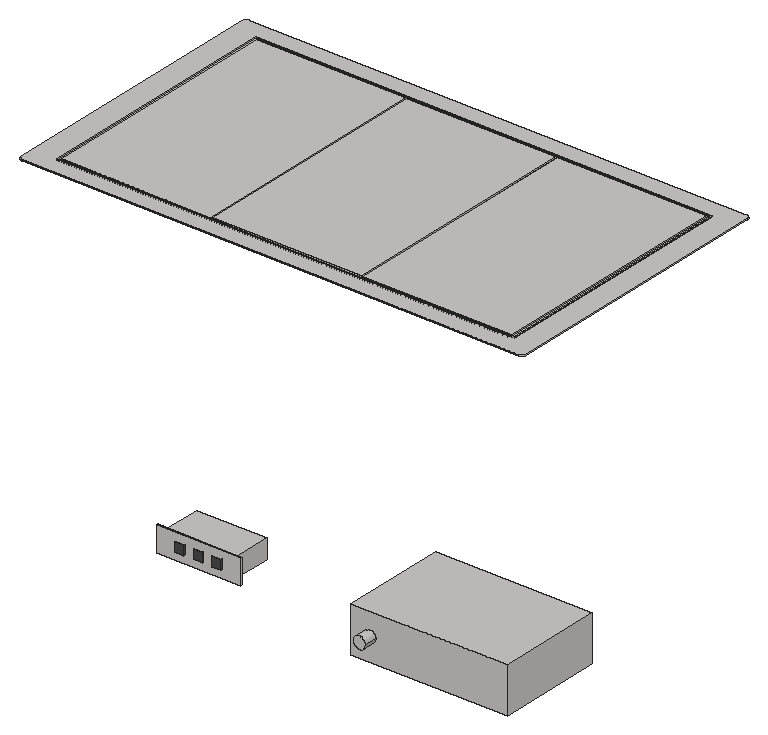
Revit family "QF_ELECTROLUXPROFESSIONAL_341016_D04H3", category Specialty Equipment, Revit 2018
Family settings
  Round Connector Dimension = Use Diameter
  Part Type = Normal
  Work Plane-Based = No
  Always vertical = Yes
  Cut with Voids When Loaded = No
  Shared = No
  Room Calculation Point = No
Parameters (values of type "341016.rfa")
  Weight = 20.40 kg
  Watts = 0 W
  Volts = 0 V
  URL Manufacturer = ""
  URL = ""
  Steam Supply Size = 0 mm
  Steam Supply Minimum Pressure = 0.0 Pa
  Steam Supply Maximum Pressure = 0.0 Pa
  Steam Pounds per Hour = 0
  Show Clearance [instance] = yes
  Remote Electrical Box_Z [instance] = 200.00 mm
  Remote Electrical Box_Y [instance] = 500.00 mm
  Remote Electrical Box_X [instance] = 800.00 mm
  Refrigeration Suction Line Size = 0 mm
  Refrigeration Liquid Line Size = 0 mm
  Refrigerant Compressor Remote = yes
  Manufacturer = ""
  Phase = 0
  Model = ""
  Length Actual = 1100.00 mm  # constant formula
  Item Number = ""
  Hot Water Size = 0 mm
  Height Actual = 80.00 mm  # constant formula
  HP = "0 HP"
  Gas Size = 0 mm
  Gas KW = 0
  Gas Input Pressure = 0 W
  Direct Waste Size = 0 mm
  Description = ""
  Depth Actual = 620.00 mm  # constant formula
  Cycle = 0 Hz
  Controller_Y [instance] = 500.00 mm
  Controller_1Z [instance] = 200.00 mm
  Controller_1X [instance] = 300.00 mm
  Condensate Return Size = 0 mm
  Compressed Air Volume = 0.0 L/s
  Compressed Air Size = 0 mm
  Compressed Air Pressure = 0.0 Pa
  Cold Water Size = 0 mm
  Accessory = yes
Types (2, lengths in mm): name | Volts | URL Manufacturer | URL | Manufacturer | Phase | Model | Item Number | Description | Cycle
  341016.rfa | 0 V | "" | "" | "" | 0 | "" | "" | "" | 0 Hz
  Standard | 220 V | "http://professional.electrolux.com" | "http://professional.electrolux.com" | "Electrolux Professional" | 1 | "D04H3" | "341016" | "DROP-IN TEMPERED GLASS TOP, 3GN" | 60 Hz
Reference planes
  plane 1 "Centro (Fronte/Retro)": y = 74.737
  plane 2: z = 0
  plane 3 "BACK": y = 384.737
  plane 4 "FRONT": y = -235.263
  plane 5 "RIGHT": x = 35.731
  plane 6 "LEFT": x = -1064.269
  plane 7: x = -514.269
  plane 8 "TOP": z = 900
  plane 9: y = 345.957
  plane 10: y = -196.483
  plane 11: x = -1010.489
  plane 12: x = -18.049
  plane 13: z = 898
  plane 14: z = 822
  plane 15: z = 825
  plane 16: x = -24.269
  plane 17: x = -1004.269
  plane 18: y = 339.737
  plane 19: y = -190.263
  plane 20: x = -679.269
  plane 21: x = -676.769
  plane 22: x = -351.769
  plane 23: x = -349.269
  plane 24: x = -764.269
  plane 25: x = -264.269
  plane 26: y = -115.263
  plane 27: y = -115.263
  plane 28: z = 200
  plane 29: z = 200
Forms (mm)
  Extrusion 1, solid, material "QF_Finishes_Stainless Steel"
    sketch origin (0, 0, 900) x (-1, 0, 0) y (0, -1, 0)
      loop
        arc (1054.269, -384.737) -> (1061.34, -381.808) -> (1064.269, -374.737) r 10
        line (1064.269, -374.737) -> (1064.269, 225.263)
        arc (1064.269, 225.263) -> (1061.34, 232.334) -> (1054.269, 235.263) r 10
        line (1054.269, 235.263) -> (-25.731, 235.263)
        arc (-25.731, 235.263) -> (-32.802, 232.334) -> (-35.731, 225.263) r 10
        line (-35.731, 225.263) -> (-35.731, -374.737)
        arc (-35.731, -374.737) -> (-32.802, -381.808) -> (-25.731, -384.737) r 10
        line (-25.731, -384.737) -> (1054.269, -384.737)
      loop
        line (1010.489, -345.957) -> (1010.489, 196.483) -> (18.049, 196.483) -> (18.049, -345.957) -> (1010.489, -345.957)
    from 0 to -2
  Extrusion 2, solid, material "QF_Finishes_Stainless Steel"
    sketch origin (0, 0, 900) x (-1, 0, 0) y (0, -1, 0)
      loop
        line (1010.489, -345.957) -> (1010.489, 196.483) -> (18.049, 196.483) -> (18.049, -345.957) -> (1010.489, -345.957)
    from -2 to -78
  Sweep 3, void
    path origin (0, 0, 900) x (-1, 0, 0) y (0, -1, 0)
      loop
        line (1010.489, -345.957) -> (1010.489, 196.483) -> (18.049, 196.483) -> (18.049, -345.957) -> (1010.489, -345.957)
    profile origin (-514.269, 345.957, 900) x (0, 1, 0) y (0, 0, 1)
      loop
        line (0, -2) -> (-75, -78.22) -> (0, -78.22) -> (0, -2)
  Extrusion 4, solid, material "QF_Finishes_Stainless Steel"
    sketch origin (0, 0, 900) x (-1, 0, 0) y (0, -1, 0)
      loop
        line (1004.269, -339.737) -> (1004.269, 190.263) -> (679.269, 190.263) -> (679.269, -339.737) -> (1004.269, -339.737)
      loop
        line (676.769, -339.737) -> (676.769, 190.263) -> (351.769, 190.263) -> (351.769, -339.737) -> (676.769, -339.737)
      loop
        line (349.269, -339.737) -> (349.269, 190.263) -> (24.269, 190.263) -> (24.269, -339.737) -> (349.269, -339.737)
    from -2 to 0
Cuts and joins
  Sweep 3 cuts Extrusion 2
Lines and regions (mm)
  symbolic lines
    curve 1: line (25.731, 384.737, 900) -> (-1054.269, 384.737, 900)
    curve 2: arc (-1054.269, 384.737, 900) -> (-1061.34, 381.808, 900) -> (-1064.269, 374.737, 900) r 10
    curve 3: line (-1064.269, 374.737, 900) -> (-1064.269, -225.263, 900)
    curve 4: arc (-1064.269, -225.263, 900) -> (-1061.34, -232.334, 900) -> (-1054.269, -235.263, 900) r 10
    curve 5: line (-1054.269, -235.263, 900) -> (25.731, -235.263, 900)
    curve 6: arc (25.731, -235.263, 900) -> (32.802, -232.334, 900) -> (35.731, -225.263, 900) r 10
    curve 7: line (35.731, -225.263, 900) -> (35.731, 374.737, 900)
    curve 8: arc (35.731, 374.737, 900) -> (32.802, 381.808, 900) -> (25.731, 384.737, 900) r 10
    curve 9: line (-1010.489, 345.957, 900) -> (-18.049, 345.957, 900)
    curve 10: line (-1010.489, -196.483, 900) -> (-1010.489, 345.957, 900)
    curve 11: line (-18.049, -196.483, 900) -> (-1010.489, -196.483, 900)
    curve 12: line (-18.049, 345.957, 900) -> (-18.049, -196.483, 900)
    curve 13: line (-1004.269, 339.737, 900) -> (-679.269, 339.737, 900)
    curve 14: line (-1004.269, -190.263, 900) -> (-1004.269, 339.737, 900)
    curve 15: line (-679.269, -190.263, 900) -> (-1004.269, -190.263, 900)
    curve 16: line (-679.269, 339.737, 900) -> (-679.269, -190.263, 900)
    curve 17: line (-24.269, -190.263, 900) -> (-24.269, 339.737, 900)
    curve 18: line (-676.769, 339.737, 900) -> (-351.769, 339.737, 900)
    curve 19: line (-676.769, -190.263, 900) -> (-676.769, 339.737, 900)
    curve 20: line (-351.769, -190.263, 900) -> (-676.769, -190.263, 900)
    curve 21: line (-351.769, 339.737, 900) -> (-351.769, -190.263, 900)
    curve 22: line (-349.269, 339.737, 900) -> (-24.269, 339.737, 900)
    curve 23: line (-349.269, -190.263, 900) -> (-349.269, 339.737, 900)
    curve 24: line (-24.269, -190.263, 900) -> (-349.269, -190.263, 900)
  symbolic lines, style "SpecialityEquipmentHiddenLines"
    curve 25: line (-1010.489, 345.957, 900) -> (-935.489, 270.957, 900)
    curve 26: line (-935.489, 270.957, 900) -> (-93.049, 270.957, 900)
    curve 27: line (-935.489, -121.483, 900) -> (-935.489, 270.957, 900)
    curve 28: line (-1010.489, -196.483, 900) -> (-935.489, -121.483, 900)
    curve 29: line (-93.049, -121.483, 900) -> (-935.489, -121.483, 900)
    curve 30: line (-18.049, -196.483, 900) -> (-93.049, -121.483, 900)
    curve 31: line (-93.049, 270.957, 900) -> (-93.049, -121.483, 900)
    curve 32: line (-93.049, 270.957, 900) -> (-18.049, 345.957, 900)
Dimensions and locks
  plane 6 "LEFT" to plane 5 "RIGHT" = 1100.00 mm
  equal spacing: plane 3 "BACK", plane 1 "Centro (Fronte/Retro)", plane 4 "FRONT"
  plane 3 "BACK" to plane 4 "FRONT" = 620.00 mm
  equal spacing: plane 6 "LEFT", plane 7, plane 5 "RIGHT"
  locked: plane 8 "TOP" to plane 2 at 900
  locked: plane 3 "BACK" to plane 9 at 38.78
  locked: plane 10 to plane 4 "FRONT" at 38.78
  plane 6 "LEFT" to plane 11 = 53.78 mm
  plane 12 to plane 5 "RIGHT" = 53.78 mm
  locked: plane 8 "TOP" to plane 13 at 2
  plane 8 "TOP" to plane 14 = 78.00 mm
  locked: plane 15 to plane 14 at 3
  locked: plane 11 to plane 17 at 6.22
  locked: plane 16 to plane 12 at 6.22
  locked: plane 9 to plane 18 at 6.22
  locked: plane 19 to plane 10 at 6.22
  plane 17 to plane 20 to plane 21 to plane 22 to plane 23 to plane 16 = 325.00 mm, 2.50 mm, 325.00 mm, 2.50 mm, 325.00 mm
  plane 16 to plane 5 "RIGHT" = 60.00 mm
  plane 6 "LEFT" to plane 17 = 60.00 mm
  plane 17 to plane 16 = 980.00 mm
  plane 18 to plane 19 = 530.00 mm
  "Controller_Y": plane 3 "BACK" to plane 27
  "Remote Electrical Box_Y": plane 3 "BACK" to plane 26
  "Controller_1X": plane 6 "LEFT" to plane 24
  "Remote Electrical Box_X": plane 6 "LEFT" to plane 25
  "Controller_1Z": plane 28 to plane 2
  "Remote Electrical Box_Z": plane 29 to plane 2
  aligned and locked: level to plane 2
  aligned and locked: Extrusion 1 sketch curve to plane 3 "BACK"
  aligned and locked: plane 6 "LEFT" to Extrusion 1 sketch curve
  aligned and locked: plane 4 "FRONT" to Extrusion 1 sketch curve
  aligned and locked: Extrusion 1 sketch curve to plane 5 "RIGHT"
  aligned and locked: Extrusion 1 sketch curve to plane 9
  aligned and locked: plane 11 to Extrusion 1 sketch curve
  aligned and locked: Extrusion 1 sketch curve to plane 10
  aligned and locked: Extrusion 1 sketch curve to plane 12
  aligned and locked: Extrusion 1 to plane 13
  aligned and locked: Extrusion 2 to plane 14
  aligned and locked: Extrusion 2 to Extrusion 1
  aligned and locked: plane 11 to Extrusion 2 sketch curve
  aligned and locked: Extrusion 2 sketch curve to plane 9
  aligned and locked: Extrusion 2 sketch curve to plane 12
  aligned and locked: Extrusion 2 sketch curve to plane 10
  aligned and locked: Sweep 3 sketch curve to Extrusion 1  (x4)
  aligned and locked: Extrusion 4 sketch curve to plane 18
  aligned and locked: plane 17 to Extrusion 4 sketch curve
  aligned and locked: plane 19 to Extrusion 4 sketch curve
  aligned and locked: Extrusion 1 to Extrusion 4
  aligned and locked: plane 8 "TOP" to Extrusion 4
  aligned and locked: Extrusion 4 sketch curve to plane 20
  aligned and locked: plane 24 to nested 1
  aligned and locked: nested 2 to plane 25
  aligned and locked: plane 26 to nested 2
  aligned and locked: nested 1 to plane 27
  aligned and locked: plane 29 to nested 2
  aligned and locked: nested 1 to plane 28
Automatic sketch dimensions
  Extrusion 1 sketch curve to plane 5 "RIGHT" = 10.00 mm
  Extrusion 1 sketch curve to plane 3 "BACK" = 10.00 mm  (x2)
  Extrusion 1 sketch curve to Extrusion 1 sketch curve = 10.00 mm
  Extrusion 4 sketch curve to plane 16 = 0.00 mm
  Extrusion 4 sketch curve to plane 19 = 0.00 mm  (x2)
  Extrusion 4 sketch curve to plane 23 = 0.00 mm
  Extrusion 4 sketch curve to plane 22 = 0.00 mm
  Extrusion 4 sketch curve to plane 21 = 0.00 mm
  Extrusion 4 sketch curve to plane 18 = 0.00 mm  (x2)
  curve 7 to plane 5 "RIGHT" = 0.00 mm
  curve 8 to plane 3 "BACK" = 0.00 mm
  curve 5 to plane 4 "FRONT" = 0.00 mm
  curve 12 to plane 9 = 0.00 mm
  curve 12 to plane 12 = 0.00 mm
  curve 23 to plane 19 = 0.00 mm
  curve 23 to plane 23 = 0.00 mm
  curve 21 to plane 19 = 0.00 mm
  curve 21 to plane 22 = 0.00 mm
  curve 19 to plane 21 = 0.00 mm
  curve 15 to plane 19 = 0.00 mm
  curve 15 to plane 20 = 0.00 mm
  curve 14 to plane 17 = 0.00 mm
  curve 9 to plane 11 = 0.00 mm
  curve 4 to plane 6 "LEFT" = 0.00 mm
  curve 21 to plane 18 = 0.00 mm
  curve 17 to plane 18 = 0.00 mm
  curve 16 to plane 18 = 0.00 mm
  curve 11 to plane 10 = 0.00 mm
  curve 6 to curve 6 = 10.00 mm
  curve 8 to curve 8 = 10.00 mm
  curve 2 to curve 2 = 10.00 mm
  curve 4 to curve 3 = 10.00 mm
  Sweep 3 sketch curve to profile plane = 0.00 mm
  profile plane to Sweep 3 sketch curve = 75.00 mm
  Sweep 3 sketch curve to plane 8 "TOP" = 78.22 mm
  Sweep 3 sketch curve to plane 8 "TOP" = 2.00 mm
  curve 24 to plane 16 = 0.00 mm
  plane 17 to curve 25 = 68.78 mm
  curve 25 to plane 18 = 68.78 mm
  plane 19 to curve 27 = 68.78 mm
  curve 29 to plane 16 = 68.78 mm
Nested families
  nested 1: "Controller" at (-764.269, -115.263, 200), type "Controller"
  nested 2: "Remote_Electrical_Box" at (-264.269, -0.263, 100), type "Remote_Electrical_Box"
  nested 3: "Sun" at (-144.269, -45.263, 900), type "Sun"
Connectors
  electrical at (-394.269, -142.263, 149.381)
    settings: on nested 2, index 1, voltage 0 V, apparent load 0 VA, apparent load phase1 0 VA, apparent load phase2 0 VA, apparent load phase3 0 VA, power factor 1, load classification "Altro", number of poles 1, system type 14, power factor state 1, is connector primary yes, connector utility no, sub classification motor no, connector description ""
Definition of nested family "Controller"
  Reference planes
    plane 1 "Center (Front/Back)": y = 0
    plane 2: z = 0
    plane 3 "Center (Left/Right)": x = 0
  Forms (mm)
    Extrusion 1, solid
      sketch origin (0, 44.769, -48.2) x (1, 0, 0) y (0, 1, 0)
        loop
          line (-76, 43.231) -> (-76, -47.65) -> (76, -47.65) -> (76, 43.231) -> (-76, 43.231)
      from 6.2 to 48.2
    Extrusion 2, solid
      sketch origin (0, 44.769, -48.2) x (1, 0, 0) y (0, 0, 1)
        loop
          line (-92.25, 54.4) -> (-92.25, 0) -> (92.25, 0) -> (92.25, 54.4) -> (-92.25, 54.4)
        loop
          line (-76, 48.2) -> (-76, 6.2) -> (76, 6.2) -> (76, 48.2) -> (-76, 48.2)
      from 44.769 to 47.65
    Extrusion 3, solid
      sketch origin (76, -2.881, -48.2) x (-1, 0, 0) y (0, 0, -1)
        loop
          line (106, -37.2) -> (126, -37.2) -> (126, -17.2) -> (106, -17.2) -> (106, -37.2)
        loop
          line (66, -37.2) -> (86, -37.2) -> (86, -17.2) -> (66, -17.2) -> (66, -37.2)
        loop
          line (26, -37.2) -> (46, -37.2) -> (46, -17.2) -> (26, -17.2) -> (26, -37.2)
      from 0 to 2
    Extrusion 4, void
      sketch origin (0, 0, 0) x (1, 0, 0) y (0, 1, 0)
        loop
          line (76, 88) -> (-76, 88) -> (-76, 0) -> (76, 0) -> (76, 88)
      from 0 to -42
  Cuts and joins
    Extrusion 4 cuts Extrusion 2
    joined: Extrusion 1, Extrusion 2
  Lines and regions (mm)
    symbolic lines
      curve 1: line (-76, 88, 0) -> (-76, 0, 0)
      curve 2: line (76, 88, 0) -> (-76, 88, 0)
      curve 3: line (76, 0, 0) -> (76, 88, 0)
      curve 4: line (-92.25, -2.881, 0) -> (92.25, -2.881, 0)
      curve 5: line (-92.25, 0, 0) -> (-92.25, -2.881, 0)
      curve 6: line (92.25, 0, 0) -> (-92.25, 0, 0)
      curve 7: line (92.25, -2.881, 0) -> (92.25, 0, 0)
  Dimensions and locks
    aligned and locked: level to plane 2
Definition of nested family "Remote_Electrical_Box"
  Parameters (values of type "Remote_Electrical_Box")
    Default Elevation = 1219.20 mm
  Reference planes
    plane 1 "Center (Front/Back)": y = 0
    plane 2: z = 0
    plane 3 "Center (Left/Right)": x = 0
    plane 4: x = -170
    plane 5: x = 170
    plane 6: y = 115
    plane 7: y = -115
    plane 8: z = 100
    plane 9: z = 50
  Forms (mm)
    Extrusion 1, solid
      sketch origin (0, 0, 0) x (1, 0, 0) y (0, 1, 0)
        loop
          line (-170, 115) -> (-170, -115) -> (170, -115) -> (170, 115) -> (-170, 115)
      from 0 to 100
    Extrusion 2, solid
      sketch origin (0, 0, 0) x (1, 0, 0) y (0, 0, 1)
        loop
          circle (-130, 49.381) r 13
      from 115 to 142
  Lines and regions (mm)
    symbolic lines
      curve 1: line (-170, 115, 0) -> (170, 115, 0)
      curve 2: line (-170, -115, 0) -> (-170, 115, 0)
      curve 3: line (170, -115, 0) -> (-170, -115, 0)
      curve 4: line (170, 115, 0) -> (170, -115, 0)
      curve 5: line (-143, -142, 0) -> (-117, -142, 0)
      curve 6: line (-143, -142, 0) -> (-143, -115, 0)
      curve 7: line (-117, -142, 0) -> (-117, -115, 0)
  Dimensions and locks
    equal spacing: plane 4, plane 3 "Center (Left/Right)", plane 5
    equal spacing: plane 6, plane 1 "Center (Front/Back)", plane 7
    plane 4 to plane 5 = 340.00 mm
    plane 6 to plane 7 = 230.00 mm
    Extrusion 1 to Extrusion 2 sketch curve = 40.00 mm
    equal spacing: plane 8, plane 9, plane 2
    aligned and locked: level to plane 2
    aligned and locked: Extrusion 1 sketch curve to plane 6
    aligned and locked: plane 4 to Extrusion 1 sketch curve
    aligned and locked: plane 7 to Extrusion 1 sketch curve
    aligned and locked: Extrusion 1 sketch curve to plane 5
    aligned and locked: plane 7 to Extrusion 2
    aligned and locked: plane 8 to Extrusion 1
  Automatic sketch dimensions
    level to Extrusion 2 sketch curve = 49.381 mm
    curve 3 to plane 4 = 0.00 mm
    curve 7 to plane 7 = 0.00 mm
    curve 3 to plane 5 = 0.00 mm
    curve 2 to plane 6 = 0.00 mm
    plane 4 to curve 6 = 27.00 mm
    curve 5 to curve 6 = 27.00 mm
    curve 6 to curve 7 = 26.00 mm
    radius of Extrusion 2 sketch curve = 13.00 mm
Definition of nested family "Sun"
  Reference planes
    plane 1 "Center (Front/Back)": y = 0
    plane 2: z = 0
    plane 3 "Center (Left/Right)": x = 0
  Lines and regions (mm)
    detail lines, in view "Ref. Level"
      curve 1: circle (0, 0, 0) r 35 normal (0, 0, 1)
      curve 2: line (-18, 31.177, 0) -> (-30, 51.962, 0)
      curve 3: line (0, 36, 0) -> (0, 60, 0)
      curve 4: line (18, 31.177, 0) -> (30, 51.962, 0)
      curve 5: line (31.177, 18, 0) -> (51.962, 30, 0)
      curve 6: line (36, 0, 0) -> (60, 0, 0)
      curve 7: line (31.177, -18, 0) -> (51.962, -30, 0)
      curve 8: line (18, -31.177, 0) -> (30, -51.962, 0)
      curve 9: line (0, -36, 0) -> (0, -60, 0)
      curve 10: line (-18, -31.177, 0) -> (-30, -51.962, 0)
      curve 11: line (-31.177, -18, 0) -> (-51.962, -30, 0)
      curve 12: line (-36, 0, 0) -> (-60, 0, 0)
      curve 13: line (-31.177, 18, 0) -> (-51.962, 30, 0)
